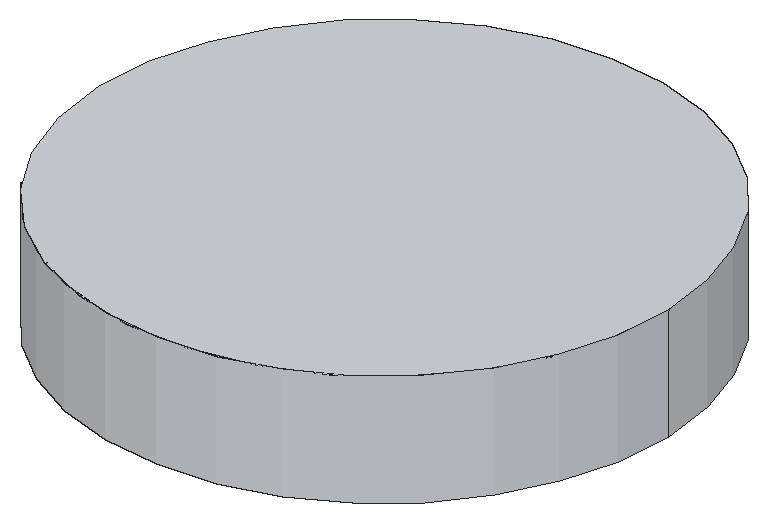
Revit family "110-38-3.5", category Aparatos sanitarios, Revit 2021
Family settings
  Cota de conector redondo = Diámetro de uso
  Tipo de pieza = Normal
  Número OmniClass = 23.45.00.00
  Título OmniClass = Sanitary, Laundry, and Cleaning Equipment
  Se basa en plano de trabajo = No
  Siempre vertical = Sí
  Corte con vacíos al cargar = No
  Compartido = Sí
  Punto de cálculo de habitación = No
Parameters (values of type "110-38-3.5")
  URL = "https://www.helvex.com.mx//productos/modelo/fluxometro-para-taza-flux-nao-nao17-de-manija-110-38-35"
  Imagen de tipo = 110-38-3.5.jpg
  Elevación por defecto = 0"
  Comentarios de tipo = "Fluxómetros"
  Note = "La tubería de alimentación debe tener un Ø 32mm\r\nmínimo y debe conectarse una reducción de\r\ncampana de 32mm - 25mm a la llave de retención."
  Modelo = "110-38-3.5"
  Min. Working Pressure = 28.44 psi
  Max. Working Pressure = 85.34 psi
  Fabricante = "HELVEX"
  Instructive = "https://www.helvex.com.mx/files/instalacion/110-38-3.5.pdf"
  Features = "Instalación izquierda o derecha"
  Documentation = "https://www.helvex.com.mx/files/especificacion/110-38-3.5.pdf"
  Descripción = "Fluxómetro para W. C. de Manija"
  Connection = "tubo Ø 25,4mm"
  Chrome = Brass Chromed
  Conexión AF = yes
Reference planes (in)
  plane 1 "Center (Front/Back)": y = 0
  plane 2: z = 0
  plane 3 "Center (Left/Right)": x = 0
  plane 4: z = 17
  plane 5: y = -6.5
  plane 6: z = 18.135
Forms (in)
  Extrusion 1, solid
    sketch origin (0, 0, 0) x (1, 0, 0) y (0, 1, 0)
      loop
        circle (0, -6.5) r 0.625
    from 17 to 17.25
Dimensions and locks (in)
  locked: plane 2 to plane 4 at 17
  locked: plane 5 to plane 1 "Center (Front/Back)" at 6.5
  locked: plane 6 to plane 4 at 1.135
  aligned and locked: level to plane 2
Connectors (in)
  piping at (-5.452, 0, 28.47142), diameter 1
    settings: on import instance, index 1, connector inside diameter 24", connector length 0", flow factor 0, pipe flow 0.0 GPM, pressure drop 0.0 psi, fitting loss kfactor 0, connector angle 0.00°, fixture units 0, engagement length 0", angle of deflection 0.00°, flow configuration 0, flow direction 0, fitting loss method 0, system type 7, joint type 0, gender type 0, connector reference index -1, connector utility 0, adjustable connector no, is connector primary yes, connector description ""
  piping at (0, -6.5, 17), diameter 1
    settings: on import instance, index 2, connector inside diameter 24", connector length 0", flow factor 0, pipe flow 0.0 GPM, pressure drop 0.0 psi, fitting loss kfactor 0, connector angle 0.00°, fixture units 0, engagement length 0", angle of deflection 0.00°, flow configuration 0, flow direction 0, fitting loss method 0, system type 7, joint type 0, gender type 0, connector reference index -1, connector utility 0, adjustable connector no, is connector primary no, connector description ""
